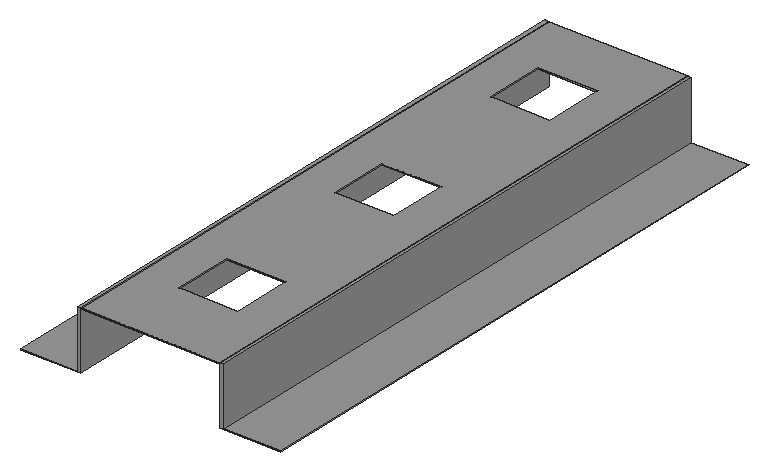
Revit family "OKA-G Kanaleinheit für GES9, Höhe 40-240mm", category Generic Models, Revit 2015
Parameters (values of type "OKA-G60040240D9")
  Width = 600 mm
  URL = "http://www.obo-bettermann.com"
  Material = Steel, Galvanized
  Manufacturer Art. No. = "7424224"
  Manufacturer = "OBO Bettermann"
  Length [instance] = 2400 mm
  HeightCalc [instance] = if(Height < 40 mm, 40 mm, (if(Height > 240 mm, 240 mm, Height)))  # 240 mm
  Height [instance] = 240 mm
  GTIN = "4012195243700\r\n\r\n4012195243700\r\n4012195243700"
  Cut's number = 3
  Article Type = "OKA-G60040240D9"
Types (4, lengths in mm): name | Width | Manufacturer Art. No. | GTIN | Article Type
  (no name) | 600 | "7424224" | "4012195243700\r\n\r\n4012195243700\r\n4012195243700" | "OKA-G60040240D9"
  OKA-G40040240D9 | 400 | "7424220" | "4012195243687" | "OKA-G40040240D9\r\n\r\nOKA-G40040240D9\r\n\r\nOKA-G40040240D9\r\n\r\nOKA-G40040240D9\r\n\r\nOKA-G40040240D9\r\n\r\nOKA-G40040240D9\r\n\r\nOKA-G40040240D9\r\n\r\nOKA-G40040240D9\r\n\r\nOKA-G40040240D9\r\nv\r\nOKA-G40040240D9\r\n\r\nOKA-G40040240D9\r\n\r\nOKA-G40040240D9\r\n\r\nOKA-G40040240D9\r\n\r\nOKA-G40040240D9\r\nOKA-G40040240D9"
  OKA-G50040240D9 | 500 | "7424222\r\n\r\n7424222\r\n\r\n7424222\r\n\r\n7424222\r\n\r\n7424222\r\n\r\n7424222\r\n\r\n7424222\r\nv\r\n7424222\r\n\r\n7424222\r\n\r\n7424222\r\nv\r\n7424222\r\n\r\n7424222\r\n7424222" | "4012195243694\r\n\r\n4012195243694\r\n4012195243694" | "OKA-G50040240D9"
  OKA-G60040240D9 | 600 | "7424224" | "4012195243700\r\n\r\n4012195243700\r\n4012195243700" | "OKA-G60040240D9"
Reference planes
  plane 1 "Center (Front/Back)": y = 0
  plane 2: z = 0
  plane 3 "Center (Left/Right)": x = 0
  plane 4: z = 240
  plane 5: y = -2400
  plane 6: x = 300
  plane 7: x = -300
Forms (mm)
  Extrusion 1, solid, material "Aluminum 6061"
    sketch origin (0, 0, 0) x (1, 0, 0) y (0, 0, 1)
      loop
        line (285, 240) -> (285, 0) -> (535, 0) -> (535, 1) -> (300, 1) -> (300, 240) -> (285, 240)
      loop
        line (-300, 1) -> (-535, 1) -> (-535, 0) -> (-285, 0) -> (-285, 240) -> (-300, 240) -> (-300, 1)
    from 0 to 2400
  Extrusion 2, solid, material "Steel, Galvanized" <- "Material"
    sketch origin (0, 0, 0) x (1, 0, 0) y (0, 0, 1)
      loop
        line (285, 236) -> (285, 240) -> (-285, 240) -> (-285, 236) -> (285, 236)
    from 0 to 2400
  Extrusion 3, void
    sketch origin (0, 0, 0) x (1, 0, 0) y (0, 1, 0)
      loop
        line (-122, -1858.5) -> (-122, -2102.5) -> (122, -2102.5) -> (122, -1858.5) -> (-122, -1858.5)
    from 0 to 250
  Extrusion 4, void
    sketch origin (0, 800, 0) x (1, 0, 0) y (0, 1, 0)
      loop
        line (-122, -1858.5) -> (-122, -2102.5) -> (122, -2102.5) -> (122, -1858.5) -> (-122, -1858.5)
    from 0 to 250
  Extrusion 5, void
    sketch origin (0, 1600, 0) x (1, 0, 0) y (0, 1, 0)
      loop
        line (-122, -1858.5) -> (-122, -2102.5) -> (122, -2102.5) -> (122, -1858.5) -> (-122, -1858.5)
    from 0 to 250
Cuts and joins
  Extrusion 3, Extrusion 4, Extrusion 5 cuts Extrusion 2
Lines and regions (mm)
  model lines
    curve 1: line (-300, 0, 240) -> (-285, 0, 240)
    curve 2: line (-285, 0, 240) -> (-285, 0, 0)
    curve 3: line (-285, 0, 0) -> (-535, 0, 0)
    curve 4: line (-535, 0, 0) -> (-535, 0, 1)
    curve 5: line (-535, 0, 1) -> (-300, 0, 1)
    curve 6: line (-300, 0, 1) -> (-300, 0, 240)
    curve 7: line (285, 0, 240) -> (285, 0, 0)
    curve 8: line (285, 0, 0) -> (535, 0, 0)
    curve 9: line (535, 0, 0) -> (535, 0, 1)
    curve 10: line (535, 0, 1) -> (300, 0, 1)
    curve 11: line (300, 0, 1) -> (300, 0, 240)
    curve 12: line (300, 0, 240) -> (285, 0, 240)
    curve 13: line (285, 0, 240) -> (285, 0, 0)
    curve 14: line (-285, 0, 0) -> (-285, 0, 240)
    curve 15: line (-285, 0, 240) -> (285, 0, 240)
    curve 16: line (-285, 0, 236) -> (285, 0, 236)
Dimensions and locks
  locked: curve 5 to curve 3 at 1
  locked: curve 2 to curve 6 at 15
  locked: curve 10 to curve 8 at 1
  locked: curve 2 to curve 4 at 250
  locked: curve 9 to curve 7 at 250
  locked: curve 11 to curve 7 at 15
  "Length": plane 1 "Center (Front/Back)" to plane 5
  equal spacing: plane 7, plane 3 "Center (Left/Right)", plane 6
  "Width": plane 7 to plane 6
  "HeightCalc": level to plane 4
  locked: curve 16 to curve 15 at 4
  locked: Extrusion 3 sketch curve to Extrusion 3 sketch curve at 244  (x2)
  locked: Extrusion 4 sketch curve to Extrusion 4 sketch curve at 244  (x2)
  equal spacing: group 1, group 2, group 3  (x3)
  locked: Extrusion 5 sketch curve to Extrusion 5 sketch curve at 244  (x2)
  aligned and locked: level to plane 2
  aligned and locked: level to curve 3
  aligned and locked: curve 6 to plane 7
  aligned and locked: curve 11 to plane 6
  aligned and locked: plane 4 to curve 1
  aligned and locked: curve 8 to level
  aligned and locked: Extrusion 1 sketch curve to curve 13
  aligned and locked: Extrusion 1 sketch curve to curve 12
  aligned and locked: Extrusion 1 sketch curve to curve 11
  aligned and locked: Extrusion 1 sketch curve to curve 10
  aligned and locked: Extrusion 1 sketch curve to curve 9
  aligned and locked: Extrusion 1 sketch curve to curve 8
  aligned and locked: Extrusion 1 sketch curve to curve 6
  aligned and locked: Extrusion 1 sketch curve to curve 14
  aligned and locked: Extrusion 1 sketch curve to curve 1
  aligned and locked: Extrusion 1 sketch curve to curve 5
  aligned and locked: Extrusion 1 sketch curve to curve 3
  aligned and locked: Extrusion 1 sketch curve to curve 4
  aligned and locked: Extrusion 1 to plane 5
  aligned and locked: Extrusion 2 sketch curve to curve 16
  aligned and locked: Extrusion 2 sketch curve to curve 15
  aligned and locked: Extrusion 2 sketch curve to curve 2
  aligned and locked: Extrusion 2 sketch curve to curve 7
  aligned and locked: Extrusion 2 to plane 5
